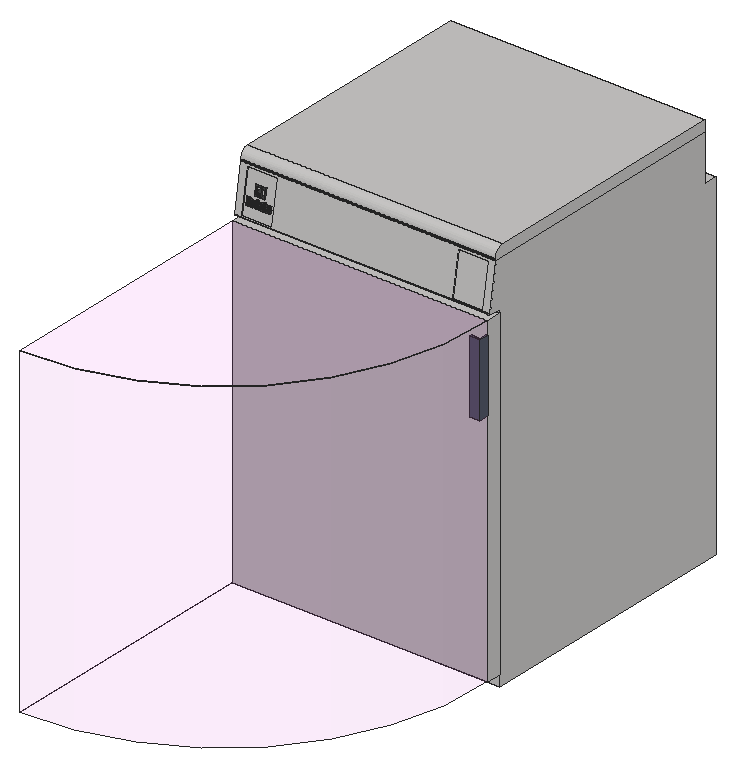
Revit family "TD6-10 Gas", category Attrezzature speciali, Revit 2018
Family settings
  Quota connettore circolare = Usa diametro
  Tipo di parte = Normale
  Basato su piano di lavoro = No
  Sempre verticale = Sì
  Taglio con vuoti quando caricato = No
  Condiviso = No
  Punto di calcolo locali = No
Parameters
  Show Logo [instance] = yes
  Show Clearance [instance] = yes
  Manufacturer = ""
  Model = ""
  Description = ""
Reference planes
  plane 1 "Center X": y = 53.8
  plane 2: z = 0
  plane 3 "Centro (Sinistra/Destra)": x = -439
  plane 4 "BACK": y = 414.5
  plane 5 "LEFT": x = -799
  plane 6 "RIGHT": x = -79
  plane 7 "TOP": z = 1115
  plane 8: z = 544
  plane 9 "FRONT": y = -390.5
  plane 10: y = -1140.5
Forms (mm)
  Extrusion 1, solid, material "QF_Finishes_Stainless Steel"
    sketch origin (718.1, -398.1, 598.796) x (0, 0, -1) y (0, 1, 0)
      loop
        line (568.796, 812.6) -> (-356.204, 812.6) -> (-356.204, 50.485) -> (568.796, 50.485) -> (568.796, 812.6)
    from -1517.1 to -797.1
  Extrusion 2, solid, material "QF_Finishes_Stainless Steel"
    sketch origin (718.1, -398.1, 534.496) x (0, 0, -1) y (0, 1, 0)
      loop
        line (-550.504, 776.9) -> (-580.504, 776.9) -> (-580.504, 61.627)
        arc (-580.504, 61.627) -> (-573.182, 43.95) -> (-555.504, 36.627) r 25
        line (-555.504, 36.627) -> (-553.385, 36.627)
        arc (-553.385, 36.627) -> (-551.348, 37.471) -> (-550.504, 39.508) r 2.881
        line (-550.504, 39.508) -> (-550.504, 776.9)
    from -1517.1 to -797.1
  Extrusion 3, solid, material "QF_Finishes_Stainless Steel"
    sketch origin (653.591, 364.5, -144.635) x (0, 0, 1) y (1, 0, 0)
      loop
        circle (1079.611, -777.591) r 13.893
    from 14.3 to 50
  Extrusion 4, solid, material "QF_Finishes_Stainless Steel"
    sketch origin (591.705, 414.5, 23.818) x (0, 0, 1) y (1, 0, 0)
      loop
        circle (66.19, -1275.711) r 75
    from 0 to 5
  Extrusion 5, solid, material "QF_Finishes_Stainless Steel"
    sketch origin (-439, 0, 0) x (0, 1, 0) y (0, 0, 1)
      loop
        line (378.8, 955) -> (378.8, 1085) -> (-361.119, 1085) -> (-383.447, 958.374)
        arc (-383.447, 958.374) -> (-382.818, 956.027) -> (-380.615, 955) r 2.875
        line (-380.615, 955) -> (378.8, 955)
    from -360 to 360
  Extrusion 6, solid, material "QF_Finishes_Stainless Steel"
    sketch origin (0, 0, 1114.3) x (-1, 0, 0) y (0, -1, 0)
      loop
        line (799, -414.5) -> (799, 347.616) -> (79, 347.616) -> (79, -414.5) -> (799, -414.5)
    from -1114.3 to -1084.3
  Extrusion 7, solid, material "QF_Finishes_Stainless Steel"
    sketch origin (-439, -22.5, 0) x (0, 1, 0) y (0, 0, 1)
      loop
        line (-325.116, 946) -> (-368, 946) -> (-368, 30) -> (-325.116, 30) -> (-325.116, 946)
    from -360 to 360
  Extrusion 8, void
    sketch origin (-439, -390.5, 918.374) x (0, -0.173648, -0.984808) y (-1, 0, 0)
      loop
        line (-162.54, 340.421) -> (-162.54, 255.421) -> (-42.97, 255.421) -> (-42.97, 340.421) -> (-162.54, 340.421)
      loop
        line (-162.54, -340.421) -> (-42.97, -340.421) -> (-42.97, -255.421) -> (-162.54, -255.421) -> (-162.54, -340.421)
    from 0 to 1.6
  Extrusion 9, solid, material "QF_Finishes_Blue"
    sketch origin (0, -6.937, 234.875) x (1, 0, 0) y (0, 1, 0)
      loop
        line (-79, -383.563) -> (-84, -383.563) -> (-84, -405.022) -> (-106.5, -405.022) -> (-106.5, -410.022) -> (-79, -410.022) -> (-79, -383.563)
    from 469.719 to 673.137
  Extrusion 10, solid, material "QF_Finishes_Stainless Steel"
    sketch origin (718.1, 414.5, 69.6) x (0, 0, 1) y (1, 0, 0)
      loop
        circle (525.424, -877.1) r 13.893
    from 0 to 10
  Extrusion 11, solid, material "QF_Door-Drawer Clearances", visible <- "Show Clearance"
    sketch origin (0, -59.522, 0) x (1, 0, 0) y (0, 1, 0)
      loop
        line (-799, -330.978) -> (-799, -1080.978)
        arc (-799, -1080.978) -> (-274.863, -863.549) -> (-79, -330.978) r 707.588
        line (-79, -330.978) -> (-799, -330.978)
    from 30 to 946
Cuts and joins
  Extrusion 8 cuts Extrusion 1
  Extrusion 8 cuts Extrusion 5
  Extrusion 8 cuts Extrusion 6
  joined: Extrusion 1, Extrusion 5, Extrusion 6
Lines and regions (mm)
  Split face 1
    outline origin (-79, -361.119, 1085) x (-1, 0, 0) y (0, -0.173648, -0.984808)
      loop
        line (470, 13.377) -> (470, 124.524) -> (250, 124.524) -> (250, 13.377) -> (470, 13.377)
  symbolic lines
    curve 1: line (-79, 414.5, 1115) -> (-799, 414.5, 1115)
    curve 2: line (-799, -390.5, 1115) -> (-79, -390.5, 1115)
    curve 3: line (-79, 414.5, 0) -> (-79, -390.5, 0)
    curve 4: line (-799, 414.5, 0) -> (-799, -390.5, 0)
    curve 5: line (-84, -390.5, 0) -> (-84, -411.96, 0)
    curve 6: line (-79, -416.96, 0) -> (-79, -390.5, 0)
    curve 7: line (-106.5, -416.96, 0) -> (-79, -416.96, 0)
    curve 8: line (-106.5, -411.96, 0) -> (-106.5, -416.96, 0)
    curve 9: line (-84, -411.96, 0) -> (-106.5, -411.96, 0)
    curve 10: line (-79, 378.8, 0) -> (-799, 378.8, 0)
  symbolic lines, style "QF_Door-Drawer Clearances"
    curve 11: arc (-799, -1140.5, 0) -> (-274.863, -923.072, 0) -> (-79, -390.5, 0) r 707.588
    curve 12: line (-799, -390.5, 0) -> (-799, -1140.5, 0)
Dimensions and locks
  equal spacing: plane 5 "LEFT", plane 3 "Centro (Sinistra/Destra)", plane 6 "RIGHT"
  plane 5 "LEFT" to plane 6 "RIGHT" = 720 mm  (x2)
  plane 4 "BACK" to plane 1 "Center X" = 360.7 mm
  plane 7 "TOP" to level = 1115 mm  (x2)
  plane 4 "BACK" to plane 9 "FRONT" = 805 mm  (x2)
  plane 9 "FRONT" to plane 10 = 750 mm
  Extrusion 7 to cut or joined group of Extrusion 1, Extrusion 5, Extrusion 6, Extrusion 8 = 9 mm
  aligned and locked: level to plane 2
  aligned and locked: Extrusion 1 to plane 5 "LEFT"
  aligned and locked: plane 6 "RIGHT" to Extrusion 1
  aligned and locked: Extrusion 2 to plane 5 "LEFT"
  aligned and locked: plane 6 "RIGHT" to Extrusion 2
  aligned and locked: plane 6 "RIGHT" to Extrusion 5
  aligned and locked: Extrusion 5 to plane 5 "LEFT"
  aligned and locked: Extrusion 7 to plane 5 "LEFT"
  aligned and locked: plane 6 "RIGHT" to Extrusion 7
Automatic sketch dimensions
  level to Extrusion 4 sketch curve = 90.008 mm
  Extrusion 4 sketch curve to plane 3 "Centro (Sinistra/Destra)" = 245.005 mm
  Extrusion 1 sketch curve to plane 4 "BACK" = 0 mm
  Extrusion 1 sketch curve to plane 7 "TOP" = 160 mm
  level to Extrusion 1 sketch curve = 30 mm
  plane 9 "FRONT" to Extrusion 1 sketch curve = 42.884 mm
  Extrusion 2 sketch curve to plane 7 "TOP" = 0 mm
  Extrusion 2 sketch curve to plane 7 "TOP" = 25 mm
  Extrusion 2 sketch curve to Extrusion 2 sketch curve = 2.119 mm
  Extrusion 2 sketch curve to Extrusion 2 sketch curve = 2.881 mm
  plane 9 "FRONT" to Extrusion 2 sketch curve = 29.027 mm
  Extrusion 2 sketch curve to plane 4 "BACK" = 35.7 mm
  Extrusion 3 sketch curve to plane 6 "RIGHT" = 45 mm
  Extrusion 3 sketch curve to plane 7 "TOP" = 180.024 mm
  plane 9 "FRONT" to Extrusion 5 sketch curve = 7.053 mm
  plane 9 "FRONT" to Extrusion 5 sketch curve = 9.885 mm
  plane 9 "FRONT" to Extrusion 5 sketch curve = 29.381 mm
  Extrusion 5 sketch curve to plane 4 "BACK" = 35.7 mm
  Extrusion 5 sketch curve to plane 7 "TOP" = 160 mm
  Extrusion 5 sketch curve to Extrusion 5 sketch curve = 2.875 mm
  Extrusion 5 sketch curve to plane 7 "TOP" = 30 mm
  Extrusion 6 sketch curve to plane 4 "BACK" = 0 mm
  Extrusion 6 sketch curve to plane 6 "RIGHT" = 0 mm
  Extrusion 6 sketch curve to plane 5 "LEFT" = 0 mm
  plane 9 "FRONT" to Extrusion 6 sketch curve = 42.884 mm
  plane 9 "FRONT" to Extrusion 7 sketch curve = 0 mm
  Extrusion 7 sketch curve to Extrusion 7 sketch curve = 42.884 mm
  level to Extrusion 7 sketch curve = 30 mm
  Extrusion 7 sketch curve to plane 7 "TOP" = 169 mm
  Extrusion 8 sketch curve to Extrusion 5 = 6.656 mm  (x2)
  Extrusion 5 to Extrusion 8 sketch curve = 2.353 mm  (x2)
  Extrusion 8 sketch curve to Extrusion 5 = 19.579 mm  (x2)
  Extrusion 8 sketch curve to Extrusion 8 sketch curve = 85 mm
  Extrusion 8 sketch curve to Extrusion 5 = 104.579 mm
  Split face 1 sketch curve to cut or joined group of Extrusion 1, Extrusion 5, Extrusion 6, Extrusion 8 = 6.721 mm
  cut or joined group of Extrusion 1, Extrusion 5, Extrusion 6, Extrusion 8 to Split face 1 sketch curve = 145.421 mm  (x2)
  Split face 1 sketch curve to cut or joined group of Extrusion 1, Extrusion 5, Extrusion 6, Extrusion 8 = 1.702 mm
  Extrusion 9 sketch curve to plane 6 "RIGHT" = 0 mm
  Extrusion 9 sketch curve to plane 6 "RIGHT" = 5 mm
  Extrusion 9 sketch curve to Extrusion 9 sketch curve = 22.5 mm
  Extrusion 9 sketch curve to plane 9 "FRONT" = 26.46 mm
  Extrusion 9 sketch curve to Extrusion 9 sketch curve = 5 mm
  plane 9 "FRONT" to Extrusion 9 sketch curve = 0 mm
  Extrusion 10 sketch curve to Extrusion 10 sketch curve = 0 mm  (x2)
  Extrusion 1 to Extrusion 10 sketch curve = 80 mm
  Extrusion 1 to Extrusion 10 sketch curve = 359.976 mm
  Extrusion 10 sketch curve to Extrusion 10 sketch curve = 13.893 mm
  Extrusion 11 sketch curve to plane 5 "LEFT" = 0 mm
  Extrusion 11 sketch curve to plane 6 "RIGHT" = 0 mm
  Extrusion 11 sketch curve to plane 10 = 0 mm
  Extrusion 11 sketch curve to plane 9 "FRONT" = 0 mm
  plane 5 "LEFT" to Extrusion 11 sketch curve = 13.692 mm
  curve 2 to plane 6 "RIGHT" = 0 mm
  curve 1 to plane 4 "BACK" = 0 mm
  curve 1 to plane 6 "RIGHT" = 0 mm
  curve 2 to plane 5 "LEFT" = 0 mm
  curve 1 to plane 5 "LEFT" = 0 mm
  curve 2 to plane 9 "FRONT" = 0 mm
  curve 12 to plane 5 "LEFT" = 0 mm
  curve 6 to plane 6 "RIGHT" = 0 mm
  curve 10 to plane 6 "RIGHT" = 0 mm
  curve 11 to plane 10 = 0 mm
  curve 4 to plane 9 "FRONT" = 0 mm
  curve 11 to plane 9 "FRONT" = 0 mm
  curve 4 to plane 4 "BACK" = 0 mm
  curve 3 to plane 4 "BACK" = 0 mm
  plane 5 "LEFT" to curve 11 = 13.692 mm
  curve 9 to plane 6 "RIGHT" = 27.5 mm
  curve 9 to plane 6 "RIGHT" = 5 mm
  curve 7 to plane 9 "FRONT" = 26.46 mm
  curve 7 to curve 9 = 5 mm
  curve 5 to curve 6 = 0 mm
  curve 10 to plane 4 "BACK" = 35.7 mm
  radius of Extrusion 4 sketch curve = 75 mm
  radius of Extrusion 3 sketch curve = 13.893 mm
Nested families
  nested 1: "ELX_Logo_Professional" at (-736.921, -372.019, 1013.971) x (1, 0, 0) z (0, -0.9848, 0.1736), visible <- "Show Logo", type "ELX_Logo_Professional"
Connectors
  piping at (-684.005, 419.5, 90.008), diameter 150
    settings: on Extrusion 4, index 3, connector inside diameter 609.6 mm, connector length 0 mm, flow factor 0, pipe flow 0.0 L/s, pressure drop 0.0 Pa, fitting loss kfactor 0, connector angle 0.00°, fixture units 0, engagement length 0 mm, angle of deflection 0.00°, flow configuration 1, flow direction 2, fitting loss method 0, system type 7, joint type 0, gender type 0, connector reference index -1, connector utility 0, adjustable connector no, is connector primary yes, connector description "Exhaust Connection"
  electrical at (-124, 414.5, 934.976)
    settings: on Extrusion 3, index 4, voltage 0 V, apparent load 0 VA, apparent load phase1 0 VA, apparent load phase2 0 VA, apparent load phase3 0 VA, power factor 1, load classification "Other", number of poles 1, system type 30, power factor state 1, is connector primary yes, connector utility no, sub classification motor no, connector description "Electrical Connection"
  piping at (-159, 424.5, 595.024), diameter 27.8
    settings: on Extrusion 10, index 5, connector inside diameter 609.6 mm, connector length 0 mm, flow factor 0, pipe flow 0.0 L/s, pressure drop 0.0 Pa, fitting loss kfactor 0, connector angle 0.00°, fixture units 0, engagement length 0 mm, angle of deflection 0.00°, flow configuration 1, flow direction 1, fitting loss method 0, system type 22, joint type 0, gender type 0, connector reference index -1, connector utility 0, adjustable connector no, is connector primary no, connector description "gas"
Definition of nested family "ELX_Logo_Professional"
  Parameters (values of type "ELX_Logo_Professional")
    materiale = none
    Default Elevation = 0 mm
  Reference planes
    plane 1 "Centro (Fronte/Retro)": y = 0
    plane 2: z = 0
    plane 3 "Centro (Sinistra/Destra)": x = 0
  Forms (mm)
    Extrusion 1, solid
      sketch origin (0, 0, 0) x (1, 0, 0) y (0, 1, 0)
        loop
          line (-1219.2, 1219.2) -> (-1219.2, -1219.2) -> (1219.2, -1219.2) -> (1219.2, 1219.2) -> (-1219.2, 1219.2)
      from 0 to -304.8
    Extrusion 2, solid, material <- "materiale"
      sketch origin (-144.622, -1081.55, 0) x (-1, 0, 0) y (0, -1, 0)
        loop
          line (-130.265, -1113.361) -> (-130.265, -1084.645) -> (-158.979, -1084.645) -> (-158.979, -1113.361) -> (-130.265, -1113.361)
        loop
          arc (-146.24, -1106.937) -> (-147.076, -1109.166) -> (-147.324, -1111.534) r 9.395
          arc (-147.324, -1111.534) -> (-145.139, -1111.806) -> (-142.939, -1111.706) r 13.008
          line (-142.939, -1111.706) -> (-141.329, -1111.382) -> (-139.8, -1110.859) -> (-138.364, -1110.152) -> (-137.035, -1109.277) -> (-135.826, -1108.249) -> (-134.751, -1107.081) -> (-133.821, -1105.789) -> (-133.05, -1104.389) -> (-132.452, -1102.893) -> (-132.039, -1101.318) -> (-131.824, -1099.675) -> (-134.539, -1099.675) -> (-136.155, -1099.784) -> (-137.741, -1100.101) -> (-139.277, -1100.613) -> (-140.74, -1101.304) -> (-142.111, -1102.159) -> (-143.367, -1103.165) -> (-144.488, -1104.306) -> (-145.453, -1105.568) -> (-146.24, -1106.937)
        loop
          line (-148.67, -1086.844) -> (-150.173, -1087.464) -> (-151.57, -1088.253) -> (-152.847, -1089.196) -> (-153.992, -1090.281) -> (-154.994, -1091.494) -> (-155.841, -1092.821) -> (-156.519, -1094.25) -> (-157.018, -1095.766) -> (-157.324, -1097.357) -> (-157.427, -1099.009) -> (-157.315, -1100.685) -> (-156.998, -1102.296) -> (-156.488, -1103.827) -> (-155.799, -1105.265) -> (-154.946, -1106.596) -> (-153.94, -1107.806) -> (-152.796, -1108.882) -> (-151.528, -1109.81) -> (-150.148, -1110.576) -> (-148.67, -1111.167) -> (-148.67, -1086.844)
        loop
          arc (-147.323, -1086.473) -> (-147.041, -1088.83) -> (-146.239, -1091.065) r 10.532
          line (-146.239, -1091.065) -> (-145.452, -1092.432) -> (-144.488, -1093.693) -> (-143.367, -1094.833) -> (-142.111, -1095.838) -> (-140.741, -1096.693) -> (-139.278, -1097.383) -> (-137.743, -1097.894) -> (-136.157, -1098.211) -> (-134.541, -1098.32) -> (-131.822, -1098.32) -> (-131.976, -1096.81) -> (-132.312, -1095.353) -> (-132.818, -1093.961) -> (-133.481, -1092.644) -> (-134.291, -1091.416) -> (-135.235, -1090.288) -> (-136.302, -1089.272) -> (-137.48, -1088.379) -> (-138.757, -1087.622) -> (-140.121, -1087.012) -> (-141.56, -1086.561) -> (-143.063, -1086.281) -> (-144.633, -1086.183)
          arc (-144.633, -1086.183) -> (-145.985, -1086.264) -> (-147.323, -1086.473) r 14.39
        loop
          line (-111.329, -1069.559) -> (-111.329, -1071.073) -> (-116.048, -1071.073) -> (-116.048, -1072.896) -> (-111.328, -1072.896) -> (-111.328, -1075.549) -> (-116.349, -1075.549) -> (-116.349, -1077.368) -> (-109.396, -1077.368) -> (-109.396, -1073.46) -> (-109.396, -1069.659)
          arc (-109.396, -1069.659) -> (-110.425, -1067.175) -> (-112.909, -1066.146) r 3.513
          line (-112.909, -1066.146) -> (-116.483, -1066.146) -> (-116.483, -1067.963) -> (-112.925, -1067.963)
          arc (-112.925, -1067.963) -> (-111.797, -1068.431) -> (-111.329, -1069.559) r 1.596
        loop
          line (-119.79, -1077.358) -> (-117.856, -1077.358) -> (-117.856, -1072.053) -> (-117.856, -1066.132) -> (-119.79, -1066.132) -> (-119.79, -1072.092) -> (-119.79, -1077.358)
        loop
          line (-122.986, -1069.718) -> (-129.327, -1069.718)
          arc (-129.327, -1069.718) -> (-129.219, -1071.449) -> (-128.497, -1073.026) r 4.757
          arc (-128.497, -1073.026) -> (-125.237, -1074.5) -> (-121.978, -1073.026) r 4.34
          arc (-121.978, -1073.026) -> (-121.072, -1070.207) -> (-121.978, -1067.388) r 4.838
          arc (-121.978, -1067.388) -> (-125.393, -1065.933) -> (-128.809, -1067.388) r 4.737
          line (-128.809, -1067.388) -> (-127.645, -1068.52)
          arc (-127.645, -1068.52) -> (-125.509, -1067.576) -> (-123.374, -1068.52) r 2.888
          arc (-123.374, -1068.52) -> (-123.05, -1069.077) -> (-122.986, -1069.718) r 1.527
        loop
          arc (-127.386, -1071.076) -> (-126.67, -1072.331) -> (-125.331, -1072.872) r 2.201
          arc (-125.331, -1072.872) -> (-123.848, -1072.402) -> (-123.033, -1071.076) r 2.23
          line (-123.033, -1071.076) -> (-127.386, -1071.076)
        loop
          line (-136.862, -1071.886) -> (-138.059, -1073.132)
          arc (-138.059, -1073.132) -> (-130.327, -1070.219) -> (-138.059, -1067.306) r 4.415
          line (-138.059, -1067.306) -> (-136.862, -1068.553)
          arc (-136.862, -1068.553) -> (-132.252, -1070.22) -> (-136.862, -1071.886) r 2.606
        loop
          line (-141.192, -1069.673) -> (-141.192, -1072.494) -> (-142.951, -1072.494) -> (-142.951, -1074.25) -> (-141.195, -1074.25) -> (-141.195, -1077.358) -> (-139.262, -1077.358) -> (-139.262, -1073.332) -> (-139.262, -1069.514)
          arc (-139.262, -1069.514) -> (-140.299, -1066.92) -> (-142.98, -1066.132) r 3.196
          line (-142.98, -1066.132) -> (-142.987, -1067.949)
          arc (-142.987, -1067.949) -> (-141.652, -1068.356) -> (-141.192, -1069.673) r 1.542
        loop
          line (-146.494, -1073.042) -> (-146.494, -1074.25) -> (-144.576, -1074.25) -> (-144.576, -1070.271) -> (-144.576, -1066.132) -> (-146.494, -1066.132) -> (-146.494, -1070.401)
          arc (-146.494, -1070.401) -> (-147.446, -1072.228) -> (-149.489, -1072.494) r 2.229
          line (-149.489, -1072.494) -> (-149.489, -1074.362)
          arc (-149.489, -1074.362) -> (-147.761, -1074.226) -> (-146.494, -1073.042) r 2.627
        loop
          line (-159.833, -1072.246) -> (-159.833, -1066.131) -> (-161.767, -1066.131) -> (-161.767, -1072.17) -> (-161.767, -1077.359) -> (-159.833, -1077.359) -> (-159.833, -1072.246)
        loop
          line (-165.194, -1069.514) -> (-165.194, -1074.25) -> (-163.245, -1074.25) -> (-163.245, -1071.898) -> (-163.245, -1069.098)
          arc (-163.245, -1069.098) -> (-166.96, -1065.769) -> (-170.687, -1069.085) r 3.745
          line (-170.687, -1069.085) -> (-170.687, -1071.898) -> (-170.687, -1074.25) -> (-168.739, -1074.25) -> (-168.739, -1069.514)
          arc (-168.739, -1069.514) -> (-166.967, -1067.742) -> (-165.194, -1069.514) r 1.772
        loop
          line (-174.654, -1070.416) -> (-172.975, -1068.078) -> (-171.578, -1066.131) -> (-173.656, -1066.131) -> (-175.717, -1068.999) -> (-177.779, -1066.131) -> (-179.857, -1066.131) -> (-178, -1068.728) -> (-176.781, -1070.433) -> (-178.29, -1072.488) -> (-179.583, -1074.25) -> (-177.473, -1074.25) -> (-175.717, -1071.818) -> (-173.945, -1074.25) -> (-171.852, -1074.25) -> (-173.052, -1072.608) -> (-174.654, -1070.416)
        loop
          circle (-154.223, -1070.188) r 2.508
        loop
          circle (-154.223, -1070.188) r 4.42
        loop
          line (-110.224, -1058.542) -> (-111.194, -1058.542)
          arc (-111.194, -1058.542) -> (-112.217, -1059.95) -> (-110.924, -1061.114) r 1.3
          line (-110.924, -1061.114) -> (-109.424, -1061.114) -> (-109.424, -1057.223) -> (-110.224, -1057.223) -> (-110.224, -1058.542)
        loop
          line (-110.224, -1060.379) -> (-110.224, -1059.293) -> (-111.03, -1059.293)
          arc (-111.03, -1059.293) -> (-111.43, -1059.836) -> (-111.03, -1060.379) r 0.569
          line (-111.03, -1060.379) -> (-110.224, -1060.379)
        loop
          line (-116.302, -1058.564) -> (-117.128, -1058.564) -> (-117.934, -1057.223) -> (-118.841, -1057.223) -> (-117.833, -1058.884)
          arc (-117.833, -1058.884) -> (-118.214, -1060.282) -> (-117.028, -1061.114) r 1.26
          line (-117.028, -1061.114) -> (-115.503, -1061.114) -> (-115.503, -1057.223) -> (-116.302, -1057.223) -> (-116.302, -1058.564)
        loop
          line (-116.302, -1060.379) -> (-116.302, -1059.293) -> (-117.109, -1059.293)
          arc (-117.109, -1059.293) -> (-117.508, -1059.836) -> (-117.109, -1060.379) r 0.569
          line (-117.109, -1060.379) -> (-116.302, -1060.379)
        loop
          line (-128.923, -1057.223) -> (-129.723, -1057.223) -> (-129.723, -1058.714) -> (-131.187, -1058.714) -> (-131.187, -1059.514) -> (-129.723, -1059.514) -> (-129.723, -1060.314) -> (-131.327, -1060.314) -> (-131.327, -1061.114) -> (-128.923, -1061.114) -> (-128.923, -1057.223)
        loop
          arc (-134.628, -1058.469) -> (-134.992, -1057.588) -> (-135.874, -1057.223) r 1.246
          line (-135.874, -1057.223) -> (-137.13, -1057.223) -> (-137.13, -1058.023) -> (-135.969, -1058.023)
          arc (-135.969, -1058.023) -> (-135.53, -1058.237) -> (-135.427, -1058.714) r 0.558
          line (-135.427, -1058.714) -> (-136.984, -1058.714) -> (-136.984, -1059.514) -> (-135.427, -1059.514) -> (-135.427, -1060.314) -> (-137.092, -1060.314) -> (-137.092, -1061.114) -> (-134.628, -1061.114) -> (-134.628, -1058.469)
        loop
          line (-152.3, -1057.223) -> (-153.1, -1057.223) -> (-153.1, -1061.114) -> (-152.3, -1061.114) -> (-152.3, -1057.223)
        loop
          line (-164.67, -1057.223) -> (-164.67, -1059.67) -> (-166.45, -1057.223) -> (-167.25, -1057.223) -> (-167.25, -1061.114) -> (-166.42, -1061.114) -> (-166.42, -1058.594) -> (-164.64, -1061.114) -> (-163.84, -1061.114) -> (-163.84, -1057.223) -> (-164.67, -1057.223)
        loop
          line (-170.403, -1057.223) -> (-171.262, -1057.223) -> (-171.641, -1058.063) -> (-173.08, -1058.063) -> (-173.459, -1057.223) -> (-174.317, -1057.223) -> (-172.796, -1061.113) -> (-171.996, -1061.113) -> (-170.403, -1057.223)
        loop
          line (-177.493, -1057.223) -> (-179.789, -1057.223) -> (-179.789, -1058.023) -> (-178.293, -1058.023) -> (-178.293, -1061.114) -> (-177.493, -1061.114) -> (-177.493, -1057.223)
        loop
          line (-172.362, -1059.848) -> (-171.945, -1058.83) -> (-172.76, -1058.83) -> (-172.362, -1059.848)
        loop
          circle (-158.484, -1059.145) r 1.288
        loop
          circle (-158.484, -1059.145) r 2.065
        loop
          arc (-146.04, -1058.095) -> (-146.933, -1057.275) -> (-148.145, -1057.245) r 1.725
          arc (-148.145, -1057.245) -> (-148.965, -1058.02) -> (-148.68, -1059.111) r 1.107
          arc (-148.68, -1059.111) -> (-148.103, -1059.465) -> (-147.486, -1059.746) r 5.523
          arc (-147.486, -1059.746) -> (-147.147, -1060.262) -> (-147.708, -1060.52) r 0.407
          arc (-147.708, -1060.52) -> (-148.045, -1060.315) -> (-148.325, -1060.038) r 1.702
          line (-148.325, -1060.038) -> (-149.011, -1060.45)
          arc (-149.011, -1060.45) -> (-148.578, -1060.911) -> (-148.043, -1061.247) r 2.463
          arc (-148.043, -1061.247) -> (-146.373, -1060.466) -> (-147.42, -1058.949) r 1.207
          spline (-147.42, -1058.949) -> (-147.716, -1058.809) -> (-147.932, -1058.678) -> (-148.077, -1058.557) -> (-148.163, -1058.446) -> (-148.198, -1058.347) -> (-148.192, -1058.258) -> (-148.157, -1058.182) -> (-148.102, -1058.118) -> (-148.037, -1058.068) -> (-147.972, -1058.031) -> (-147.917, -1058.008) -> (-147.883, -1058)
          arc (-147.883, -1058) -> (-147.238, -1058.014) -> (-146.759, -1058.446) r 0.925
          line (-146.759, -1058.446) -> (-146.04, -1058.095)
        loop
          arc (-140.18, -1058.095) -> (-141.073, -1057.275) -> (-142.285, -1057.245) r 1.725
          arc (-142.285, -1057.245) -> (-143.106, -1058.02) -> (-142.821, -1059.111) r 1.107
          arc (-142.821, -1059.111) -> (-142.243, -1059.465) -> (-141.627, -1059.746) r 5.523
          arc (-141.627, -1059.746) -> (-141.287, -1060.262) -> (-141.849, -1060.52) r 0.407
          arc (-141.849, -1060.52) -> (-142.185, -1060.315) -> (-142.466, -1060.038) r 1.702
          line (-142.466, -1060.038) -> (-143.151, -1060.45)
          arc (-143.151, -1060.45) -> (-142.719, -1060.911) -> (-142.183, -1061.247) r 2.463
          arc (-142.183, -1061.247) -> (-140.513, -1060.466) -> (-141.56, -1058.949) r 1.207
          spline (-141.56, -1058.949) -> (-141.856, -1058.809) -> (-142.072, -1058.678) -> (-142.218, -1058.557) -> (-142.303, -1058.446) -> (-142.338, -1058.347) -> (-142.333, -1058.258) -> (-142.298, -1058.182) -> (-142.242, -1058.118) -> (-142.177, -1058.068) -> (-142.112, -1058.031) -> (-142.057, -1058.008) -> (-142.023, -1058)
          arc (-142.023, -1058) -> (-141.378, -1058.014) -> (-140.9, -1058.446) r 0.925
          line (-140.9, -1058.446) -> (-140.18, -1058.095)
        loop
          circle (-123.484, -1059.145) r 1.288
        loop
          circle (-123.484, -1059.145) r 2.065
      from 0 to 1.6
  Dimensions and locks
    aligned and locked: plane 2 to Extrusion 1
    aligned and locked: level to Extrusion 1
